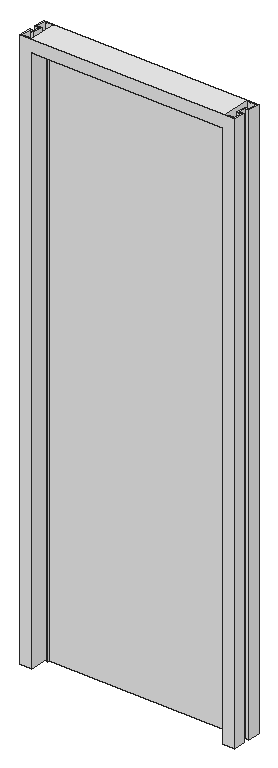
Revit family "kawneer-flushline_novl-sgl_no-tran-fr_20641", category Doors, host Wall, Revit 2015
Parameters
  Water - Static (ASTM E 331) = "product not tested"
  URL = "http://www.kawneer.com/kawneer/north_america/en/product.asp?prod_id=1820"
  Type of Glazing = "monolithic, insulating"
  Type Comments = "Foam-filled with Aluminum or FRP Face Sheets"
  Thermal Transmittance = "< 0.28 BTU/hr/sf/F"
  Sub Category3 = ""
  Sub Category2 = ""
  Sub Category1 = ""
  Sightline = 0"
  Short Description = "Foam-filled with Aluminum or FRP Face Sheets"
  Product data url = "https://bimobject.com/kawneerna/product/20635"
  Overall U-Factor = "product not tested"
  Model = "Flushline®"
  Manufacturer Part Number = "Flushline®"
  Manufacturer = "Kawneer"
  Keywords = "Entrance, Door, Swing Door, FRP Skin Door, Aluminum Skin Door, Foam-filled Door"
  Hurricane Resistant Tested [instance] = "product not tested"
  Hinging Types = "Offset Pivot, Butt Hinge, Continuous Gear Hinge"
  Height = 84"
  Wall Closure = By host
  Width = 32"
  Glazing Thickness = 0"
  Glass U-Factor = "product not tested"
  Glass Installtion = "cut outs for vision area, inside or outside"
  Glass Capture = "Captured"
  Function (Interior or Exterior) = "Exterior, Interior"
  Function = Interior
  Door Panel Width = Width - (1 3/4" * 2)  # 28 1/2"
  Door Panel Material = Aluminum - ASTM B 221 - 6063-T6 alloy and temper
  Door Panel Height = Height - 1 3/4"  # 82 1/4"
  Door Opening = Door Panel Width  # 28 1/2"
  Door Corner Construction = "Welded"
  Design Pressure = "n/a"
  Design Load = "n/a"
  Description = "The \"Flushline\" entrance is a polyurethane foam filled door with FRP or aluminum face sheets designed in various textures for interior or exterior use."
  Depth = 2"
  Color = "any"
  Cladding Type = "n/a"
  CSI Masterformat Code = "08 41 13"
  Assembly Code = "B2030110"
  Application = "moderate traffic, high traffic, impact areas"
  Air Infiltration (ASTM E 283) = "product not tested"
  2-Color Option = "no"
Reference planes
  plane 1 "Centre Wall": y = 0
  plane 2 "Center (Left/Right)": x = 0
  plane 3 "Left": x = -406.4
  plane 4 "Right": x = 406.4
  plane 5: z = 2133.6
  plane 6 "Exterior": y = 75
  plane 7 "Interior": y = -75
  plane 8: x = -361.9
  plane 9: x = 361.9
Forms (mm)
  Sweep 1, solid, material "Aluminum - ASTM B 221 - 6063-T6 alloy and temper" <- "Door Panel Material"
    path origin (0, 0, 0) x (1, 0, 0) y (0, 0, 1)
      loop
        line (406.4, 2133.6) -> (406.4, 0)
    profile "TF450Frame : TF450Frame" origin (406.4, 0, 1066.8) x (1, 0, 0) y (0, -1, 0)
      loop
        line (-54.5, -13.375) -> (-44.5, -13.375) -> (-44.5, -57.175) -> (0, -57.175) -> (0, -12.125) -> (-17.25, -12.125) -> (-17.25, 12.125) -> (0, 12.125) -> (0, 57.125) -> (-44.5, 57.125) -> (-44.5, -8.375) -> (-54.5, -8.375) -> (-54.5, -13.375)
      loop
        line (-5, -17.125) -> (-22.25, -17.125) -> (-22.25, 17.125) -> (-5, 17.125) -> (-5, 52.125) -> (-39.5, 52.125) -> (-39.5, -52.175) -> (-5, -52.175) -> (-5, -17.125)
  Sweep 2, solid, material "Aluminum - ASTM B 221 - 6063-T6 alloy and temper" <- "Door Panel Material"
    path origin (0, 0, 0) x (1, 0, 0) y (0, 0, 1)
      loop
        line (361.9, 2133.6) -> (-361.9, 2133.6)
    profile "TF450topFrame : TF450topFrame" origin (0, 0, 2133.6) x (0, 0, -1) y (0, -1, 0)
      loop
        line (54.5, -13.35) -> (54.5, -8.35) -> (44.5, -8.35) -> (44.5, 57.15) -> (0, 57.15) -> (0, -57.15) -> (44.5, -57.15) -> (44.5, -13.35) -> (54.5, -13.35)
      loop
        line (5, -52.15) -> (39.5, -52.15) -> (39.5, 52.15) -> (5, 52.15) -> (5, -52.15)
  Sweep 3, solid, material "Aluminum - ASTM B 221 - 6063-T6 alloy and temper" <- "Door Panel Material"
    path origin (0, 0, 0) x (1, 0, 0) y (0, 0, 1)
      loop
        line (-406.4, 0) -> (-406.4, 2133.6)
    profile "TF450Frame : TF450Frame" origin (-406.4, 0, 1066.8) x (-1, 0, 0) y (0, -1, 0)
      loop
        line (-54.5, -13.375) -> (-44.5, -13.375) -> (-44.5, -57.175) -> (0, -57.175) -> (0, -12.125) -> (-17.25, -12.125) -> (-17.25, 12.125) -> (0, 12.125) -> (0, 57.125) -> (-44.5, 57.125) -> (-44.5, -8.375) -> (-54.5, -8.375) -> (-54.5, -13.375)
      loop
        line (-5, -17.125) -> (-22.25, -17.125) -> (-22.25, 17.125) -> (-5, 17.125) -> (-5, 52.125) -> (-39.5, 52.125) -> (-39.5, -52.175) -> (-5, -52.175) -> (-5, -17.125)
Cuts and joins
  joined: Sweep 1, Sweep 2, Sweep 3
Lines and regions (mm)
  Opening 1
    outline origin (-3050, -75, 0) x (1, 0, 0) y (0, 0, 1)
      loop
        line (2643.6, 0) -> (3456.4, 0) -> (3456.4, 2133.6) -> (2643.6, 2133.6) -> (2643.6, 0)
  symbolic lines
    curve 1: line (-361.9, 781.05, 0) -> (-311.1, 781.05, 0)
    curve 2: line (-361.9, 57.15, 0) -> (-361.9, 781.05, 0)
    curve 3: line (-311.1, 57.15, 0) -> (-361.9, 57.15, 0)
    curve 4: line (-311.1, 781.05, 0) -> (-311.1, 57.15, 0)
    curve 5: arc (-311.1, 781.05, 0) -> (168.668, 552.235, 0) -> (363.78, 57.8, 0) r 725.68
Text (mm)
  text "Exterior" at (-2295.016, 1099.543, 0), in view "Ref. Level"
  text "Exterior" at (0, 1615.38, 3698.081), in view "Left"
  text "Exterior" at (0, 1036.032, 3874.932), in view "Right"
Dimensions and locks
  equal spacing: plane 3 "Left", plane 2 "Center (Left/Right)", plane 4 "Right"
  "Width": plane 3 "Left" to plane 4 "Right"
  "Height": plane 5 to host wall
  host wall to plane 5 = 84"  (x2)
  locked: plane 6 "Exterior" to host wall at 0
  locked: plane 7 "Interior" to host wall
  locked: plane 3 "Left" to plane 8 at 44.5
  locked: plane 9 to plane 4 "Right" at 44.5
  "Door Panel Width": curve 1 to cut or joined group of Sweep 1, Sweep 2, Sweep 3
  "Depth": curve 2 to curve 4
  aligned and locked: plane 3 "Left" to Opening 1 sketch curve
  aligned and locked: plane 5 to Opening 1 sketch curve  (x2)
  aligned and locked: Opening 1 sketch curve to plane 4 "Right"
  aligned and locked: Opening 1 sketch curve to level
  aligned and locked: plane 1 "Centre Wall" to host wall
  aligned and locked: plane 5 to Sweep 1 sketch curve
  aligned and locked: level to Sweep 1 sketch curve
  aligned and locked: plane 9 to Sweep 2 sketch curve
  aligned and locked: plane 8 to Sweep 2 sketch curve
  aligned and locked: plane 3 "Left" to Sweep 3 sketch curve
  aligned and locked: level to Sweep 3 sketch curve
  aligned and locked: plane 5 to Sweep 3 sketch curve
  aligned and locked: nested 1 to plane 2 "Center (Left/Right)"
  aligned and locked: nested 1 to cut or joined group of Sweep 1, Sweep 2, Sweep 3
  aligned and locked: cut or joined group of Sweep 1, Sweep 2, Sweep 3 to curve 3
  aligned and locked: nested 1 to curve 5
Automatic sketch dimensions
  Sweep 1 sketch curve to plane 4 "Right" = 0"
  Sweep 2 sketch curve to plane 5 = 0"
  Sweep 2 sketch curve to plane 8 = 0"
  Sweep 2 sketch curve to plane 9 = 0"
  curve 1 to plane 8 = 0"
  curve 5 to plane 8 = 0"
  curve 5 to curve 2 = 0"
Nested families
  nested 1: "Kawneer-Flushline_NoVL-Sgl" at (-38.1, 35.575, 0) x (-1, 0, 0) z (0, 0, 1), type "Kawneer-Flushline_NoVL-Sgl"
    with Height 82 1/4"
Definition of nested family "Kawneer-Flushline_NoVL-Sgl"
  Parameters
    Width = 28 1/2"
    Height = 84"
    Door Panel Material = none
    Door Hangle Material = none
    Door Handle Width = 2"
    Door Handle Height = 33 1/8"
    Depth = 1 3/4"
    Assembly Code = ""
  Reference planes
    plane 1 "Center (Front/Back)": y = 0
    plane 2: z = 0
    plane 3 "Center (Left/Right)": x = -38.1
    plane 4: x = -400.05
    plane 5: x = 323.85
    plane 6: y = -22.225
    plane 7: y = 22.225
    plane 8: z = 2133.6
    plane 9: z = 841.375
    plane 10: x = -349.25
  Forms (mm)
    Extrusion 1, solid, material <- "Door Panel Material"
      sketch origin (0, 0, 0) x (1, 0, 0) y (0, 0, 1)
        loop
          line (-400.05, 2133.6) -> (-400.05, 0) -> (323.85, 0) -> (323.85, 2133.6) -> (-400.05, 2133.6)
      from -22.225 to 22.225
  Dimensions and locks
    equal spacing: plane 6, plane 1 "Center (Front/Back)", plane 7
    "Depth": plane 6 to plane 7
    equal spacing: plane 4, plane 3 "Center (Left/Right)", plane 5
    "Width": plane 4 to plane 5
    "Height": plane 8 to level
    "Door Handle Height": plane 9 to level
    "Door Handle Width": plane 10 to plane 4
    aligned and locked: plane 4 to Extrusion 1 sketch curve
    aligned and locked: Extrusion 1 sketch curve to plane 8
    aligned and locked: plane 2 to Extrusion 1 sketch curve
    aligned and locked: Extrusion 1 sketch curve to plane 5
    aligned and locked: Extrusion 1 to plane 7
    aligned and locked: Extrusion 1 to plane 6
    aligned and locked: plane 9 to nested 1
    aligned and locked: nested 1 to plane 6
    aligned and locked: plane 10 to nested 1
  Nested families
    nested 1: "Style CO 9 Pull" at (-387.284, -22.225, 612.775), type "Style CO 9 Pull"
  Definition of nested family "Style CO 9 Pull"
    Parameters
      Width = 1.1811"
      Height = 9"
      Hangle Material = none
      Depth = 1.1811"
    Reference planes
      plane 1 "Center (Front/Back)": y = 0
      plane 2: z = 0
      plane 3 "Center (Left/Right)": x = 53.034
      plane 4: y = -30
      plane 5: x = 38.034
      plane 6: x = 68.034
      plane 7: x = 46.034
      plane 8 "Top": z = 228.6
      plane 9: x = 60.034
      plane 10: z = 220.6
      plane 11: z = 8
    Forms (mm)
      Sweep 1, solid, material <- "Hangle Material"
        path origin (0, 0, 0) x (1, 0, 0) y (0, 1, 0)
          loop
            line (38.034, 0) -> (38.034, -23)
            arc (38.034, -23) -> (40.085, -27.95) -> (45.034, -30) r 7
            line (45.034, -30) -> (60.034, -30)
        profile origin (38.034, -11.5, 0) x (1, 0, 0) y (0, 0, 1)
          loop
            circle (0, 0) r 5
      Sweep 2, solid, material <- "Hangle Material"
        path origin (0, 0, 228.6) x (-1, 0, 0) y (0, -1, 0)
          loop
            line (-38.034, 0) -> (-38.034, 23)
            arc (-38.034, 23) -> (-40.085, 27.95) -> (-45.034, 30) r 7
            line (-45.034, 30) -> (-60.034, 30)
        profile origin (38.034, -11.5, 228.6) x (1, 0, 0) y (0, 0, 1)
          loop
            circle (0, 0) r 5
      Sweep 3, solid, material <- "Hangle Material"
        path origin (-1540.712, -30, 1200) x (-1, 0, 0) y (0, 0, 1)
          loop
            arc (-1600.747, -1200) -> (-1606.404, -1197.657) -> (-1608.747, -1192) r 8
            line (-1608.747, -1192) -> (-1608.747, -979.4)
            arc (-1608.747, -979.4) -> (-1606.404, -973.743) -> (-1600.747, -971.4) r 8
        profile origin (68.034, -30, 114.3) x (1, 0, 0) y (0, 1, 0)
          loop
            circle (0, 0) r 5
    Cuts and joins
      joined: Sweep 1, Sweep 2, Sweep 3
    Dimensions and locks
      "Depth": plane 4 to plane 1 "Center (Front/Back)"
      equal spacing: plane 5, plane 3 "Center (Left/Right)", plane 6
      locked: plane 5 to plane 7 at 8
      "Width": plane 5 to plane 6
      "Height": plane 8 "Top" to level
      locked: plane 9 to plane 6 at 8
      locked: level to plane 11 at 8
      locked: plane 10 to plane 8 "Top" at 8
      aligned and locked: Sweep 1 sketch curve to plane 5
      aligned and locked: Sweep 1 sketch curve to plane 4
      aligned and locked: plane 1 "Center (Front/Back)" to Sweep 1 sketch curve
      aligned and locked: plane 9 to Sweep 1 sketch curve
      aligned and locked: Sweep 2 sketch curve to plane 5
      aligned and locked: Sweep 2 sketch curve to plane 4
      aligned and locked: plane 1 "Center (Front/Back)" to Sweep 2 sketch curve
      aligned and locked: plane 9 to Sweep 2 sketch curve
      aligned and locked: plane 6 to Sweep 3 sketch curve  (x2)
      aligned and locked: plane 10 to Sweep 3 sketch curve
      aligned and locked: plane 11 to Sweep 3 sketch curve
      aligned and locked: plane 9 to Sweep 3 sketch curve  (x2)
      aligned and locked: plane 8 "Top" to Sweep 3 sketch curve
      aligned and locked: level to Sweep 3 sketch curve
      aligned and locked: plane 4 to Sweep 3 sketch curve
    Automatic sketch dimensions
      Sweep 1 sketch curve to plane 7 = 0.03937"
      Sweep 1 sketch curve to level = 0"
      Sweep 1 sketch curve to profile plane = 0"
      Sweep 2 sketch curve to plane 7 = 0.03937"
      Sweep 2 sketch curve to plane 8 "Top" = 0"
      Sweep 2 sketch curve to profile plane = 0"
      radius of Sweep 1 sketch curve = 0.19685"
      radius of Sweep 2 sketch curve = 0.19685"
      radius of Sweep 3 sketch curve = 0.19685"
